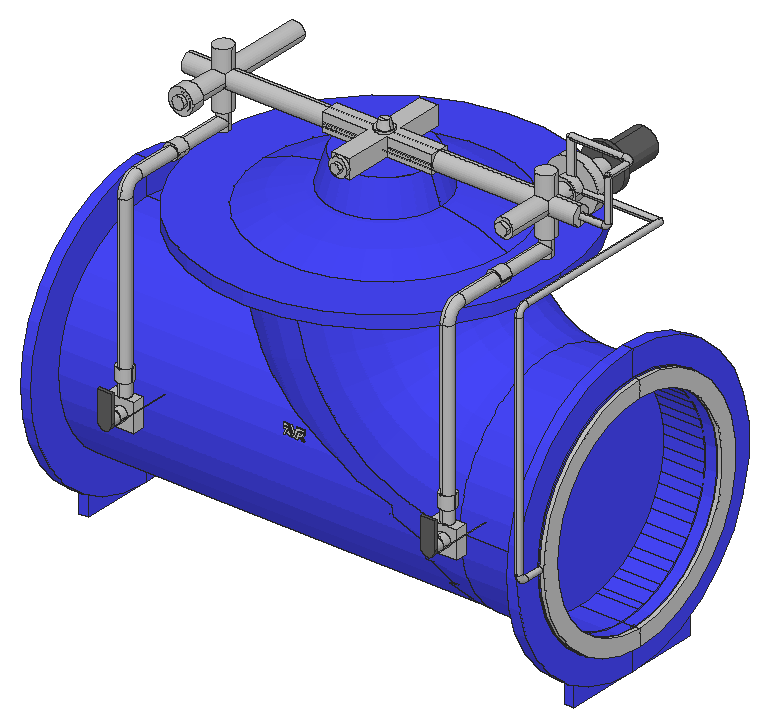
Revit family "859-002X-001 DN350-600", category Pipe Accessories, Revit 2022
Family settings
  Round Connector Dimension = Use Diameter
  Part Type = Valve - Breaks Into
  Work Plane-Based = No
  Always vertical = Yes
  Cut with Voids When Loaded = No
  Shared = No
Parameters (values of type "DN600_PN16 Flow range ( 1780 - 4350)")
  w2 = size_lookup(Search_table, "w2", 0 mm, DN)  # 509 mm
  w1 = size_lookup(Search_table, "w1", 0 mm, DN)  # 509 mm
  sweep_box2 = Bolt_Dia / 2  # 22.1 mm
  sweep_box1 = Centre_D * 0.4  # 40 mm
  sweep_H1 = Bonnet_dim1_H * 1.4  # 64.68 mm
  sweep_H = (H3 - D) * 0.7  # 596.4 mm
  sweep_D = size_lookup(Search_table, "sweep_D", 0 mm, DN)  # 34 mm
  sweep1 = sweep_D * 0.5  # 17 mm
  sweep/2 = sweep1 / 2  # 8.5 mm
  sweep = sweep_D * 1.2  # 40.8 mm
  nut_dim = Bonnet_D1 * 0.5  # 252 mm
  Total_L = size_lookup(Search_table, "Total_L", 0 mm, DN)  # 1465 mm
  Sweep_R = sweep1 * 1.5  # 25.5 mm
  Orifice_FL_T = size_lookup(Search_table, "Orifice_FL_T", 0 mm, DN)  # 14 mm
  Orifice_FL = size_lookup(Search_table, "Orifice_FL", 0 mm, DN) / 2  # 347 mm
  L3 = Bonnet_R * 1.1  # 582.12 mm
  dim1 = W1 * 0.3  # 152.7 mm
  centre = Bore1 * 1.3  # 468.078 mm
  W22 = W2 * 0.8  # 407.2 mm
  W2 = size_lookup(Search_table, "W2", 0 mm, DN)  # 509 mm
  W11 = (W1 - sweep_D) * 0.75  # 356.25 mm
  W1 = size_lookup(Search_table, "W1", 0 mm, DN)  # 509 mm
  W = W1 - (sweep_D / 2)  # 492 mm
  URL_product_pages = "https://www.avkvalves.com/P.aspx?no=8590065001140020"
  Thickness1 = Thickness * 1.2  # 25.92 mm
  Thickness = FL_T * 0.6  # 21.6 mm
  Raised_dis = size_lookup(Search_table, "Raised_dis", 0 mm, DN)  # 5 mm
  Raised_R = (D - Bore) * 0.4  # 47.98 mm
  Nut_T = FL_T * 0.8  # 28.8 mm
  Nut_Dim2 = Control_dim1 * 0.4  # 10.584 mm
  Nut_Dim1 = Bolt_Dia * 1.3  # 57.46 mm
  L = size_lookup(Search_table, "L", 0 mm, DN)  # 1450 mm
  H4 = H33 * 2  # 315.666 mm
  H33 = (H3 - (D + Bonnet_dim1_H1)) * 0.95  # 157.833 mm
  H3 = size_lookup(Search_table, "H3", 0 mm, DN)  # 1272 mm
  FL_T = size_lookup(Search_table, "FL_T", 0 mm, DN)  # 36 mm
  DN600_PN16 Flow range ( 1780 - 4350) = "859-0600-00-1140023"
  DN600_PN16 Flow range ( 970 - 2360) = "859-0600-00-1140022"
  DN600_PN16 Flow range ( 710 - 1735) = "859-0600-00-1140021"
  DN600_PN16 Flow range ( 500 - 1225) = "859-0600-00-1140020"
  DN600_PN10 Flow range ( 1780 - 4350) = "859-0600-00-0140023"
  DN600_PN10 Flow range ( 970 - 2360) = "859-0600-00-0140022"
  DN600_PN10 Flow range ( 710 - 1735) = "859-0600-00-0140021"
  DN600_PN10 Flow range ( 500 - 1225) = "859-0600-00-0140020"
  DN500_PN16 Flow range ( 1115 - 2715) = "859-0500-00-1140023"
  DN500_PN16 Flow range ( 765 - 1860) = "859-0500-00-1140022"
  DN500_PN16 Flow range ( 530 - 1290) = "859-0500-00-1140021"
  DN500_PN16 Flow range ( 350 - 835) = "859-0500-00-1140020"
  DN500_PN10 Flow range ( 1115 - 2715) = "859-0500-00-0140023"
  DN500_PN10 Flow range ( 765 - 1860) = "859-0500-00-0140022"
  DN500_PN10 Flow range ( 530 - 1290) = "859-0500-00-0140021"
  DN500_PN10 Flow range ( 350 - 835) = "859-0500-00-0140020"
  DN450_PN16 Flow range ( 1020 - 2495) = "859-0450-00-1140023"
  DN450_PN16 Flow range ( 675 - 1640) = "859-0450-00-1140022"
  DN450_PN16 Flow range ( 445 - 1090) = "859-0450-00-1140021"
  DN450_PN16 Flow range ( 280 - 690) = "859-0450-00-1140020"
  DN450_PN10 Flow range ( 280 - 690) = "859-0450-00-0140020"
  D = size_lookup(Search_table, "D", 0 mm, DN) / 2  # 420 mm
  Search_table = "859-002X-001 DN350-600"
  Description_ = "AVK CONTROL VALVE, CONSTANT FLOW, PN10/16"
  Default Elevation = 0 mm
  DN350_PN16 Flow range ( 225 - 555) = "859-0350-00-1140021\r\n859-0350-00-1140021\r\n859-0350-00-1140021\r\n859-0350-00-1140021"
  DN350_PN16 Flow range ( 170 - 420) = "859-0350-00-1140020"
  DN350_PN10 Flow range ( 650 - 1595) = "859-0350-00-0140023"
  DN350_PN10 Flow range ( 225 - 555) = "859-0350-00-0140021"
  DN350_PN10 Flow range ( 170 - 420) = "859-0350-00-0140020"
  DN450_PN10 Flow range ( 1020 - 2495) = "859-0450-00-0140023"
  DN450_PN10 Flow range ( 675 - 1640) = "859-0450-00-0140022"
  DN450_PN10 Flow range ( 445 - 1090) = "859-0450-00-0140021"
  DN400_PN16 Flow range ( 740 - 1815) = "859-0400-00-1140023"
  DN400_PN16 Flow range ( 525 - 1285) = "859-0400-00-1140022"
  DN400_PN16 Flow range ( 370 - 905) = "859-0400-00-1140021"
  DN400_PN16 Flow range ( 225 - 545) = "859-0400-00-1140020"
  DN400_PN10 Flow range ( 740 - 1815) = "859-0400-00-0140023"
  DN400_PN10 Flow range ( 525 - 1285) = "859-0400-00-0140022"
  DN400_PN10 Flow range ( 370 - 905) = "859-0400-00-0140021"
  DN400_PN10 Flow range ( 225 - 545) = "859-0400-00-0140020"
  DN350_PN16 Flow range ( 650 - 1595) = "859-0350-00-1140023"
  DN350_PN16 Flow range ( 510 - 1250) = "859-0350-00-1140022"
  DN350_PN10 Flow range ( 510 - 1250) = "859-0350-00-0140022"
  DN = 600.1 mm
  Control_dim7 = Control_dim6 * 1.8  # 77.157 mm
  Control_dim6 = Control_dim5 * 1.2  # 42.865 mm
  Control_dim5 = Control_dim1 * 1.35  # 35.721 mm
  Control_dim4 = Bonnet_D1 * 0.9  # 453.6 mm
  Control_dim3 = Control_dim1 * 0.5  # 13.23 mm
  Control_dim2 = Bonnet_dim3 * 1.2  # 158.76 mm
  Control_dim1 = Bonnet_dim3 * 0.2  # 26.46 mm
  Centre_nut = Centre_D * 0.75  # 75 mm
  Centre_D1 = Centre_D * 0.8  # 80 mm
  Centre_D = size_lookup(Search_table, "Centre_D", 0 mm, DN)  # 100 mm
  Bore2 = Bore * 1.6  # 480.08 mm
  Bore1 = Bore * 1.2  # 360.06 mm
  Bore = DN / 2  # 300.05 mm
  Bonnet_dim3 = Bonnet_dim2 * 0.75  # 132.3 mm
  Bonnet_dim2 = Bonnet_dim1 / 2  # 176.4 mm
  Bonnet_dim1_H1 = sweep_H * 1.15  # 685.86 mm
  Bonnet_dim1_H = (sweep_H - Body_H) / 2  # 46.2 mm
  Bonnet_dim1 = Bonnet_D1 * 0.7  # 352.8 mm
  Bonnet_R = Bonnet_dim1 * 1.5  # 529.2 mm
  Bonnet_D1 = D * 1.2  # 504 mm
  Bonnet_D = D * 0.6  # 252 mm
  Bolt_Dia = sweep_D * 1.3  # 44.2 mm
  Body_Rib_L = D * 0.5  # 210 mm
  Body_H = D * 1.2  # 504 mm
  Actuator_d = Control_dim7 * 0.85  # 65.584 mm
  Actuator_L1 = Actuator_L * 0.9  # 206.145 mm
  Actuator_L = W2 * 0.45  # 229.05 mm
  8 = 8 mm  # constant formula
  50 = 50 mm  # constant formula
  3 = 3 mm  # constant formula
  18 = 11 mm  # constant formula
  10 = 10 mm  # constant formula
  0 = 0 mm  # constant formula
Reference planes
  plane 1 "Center (Front/Back)": y = 0
  plane 2: z = 0
  plane 3 "Center (Left/Right)": x = 0
  plane 4: x = -725
  plane 5: x = 725
  plane 6: z = 300.05
  plane 7: z = -300.05
  plane 8: z = 504
  plane 9: z = 852
  plane 10: z = -420
  plane 11: y = -396.06
  plane 12: y = -360.06
  plane 13: y = -406.06
  plane 14: z = 550.2
  plane 15: z = 685.86
  plane 16: z = -303.05
  plane 17: x = 720
  plane 18: x = -720
  plane 19: x = -568.078
  plane 20: x = -468.078
  plane 21: x = 468.078
  plane 22: y = -397.05
  plane 23: y = -356.25
  plane 24: y = -352.8
  plane 25: z = 40
  plane 26: z = 694.167
  plane 27: z = 712.32
  plane 28: y = -158.76
  plane 29: y = -34.713
  plane 30: y = -169.344
  plane 31: z = 738.78
  plane 32: x = -300.05
  plane 33: z = 596.4
  plane 34: z = 618.5
  plane 35: z = 765.24
  plane 36: z = 80
  plane 37: y = -152.7
  plane 38: y = 407.2
  plane 39: y = -26.46
  plane 40: y = 62.46
  plane 41: y = 26.46
  plane 42: y = 91.26
  plane 43: y = 120.06
  plane 44: x = 582.12
  plane 45: x = 617.841
  plane 46: x = 568.078
  plane 47: z = 843.5
  plane 48: through (0, 0, 1200) normal (-0.766, -0.6428, 0)
  plane 49: y = 94.8
  plane 50: z = 536.334
  plane 51: x = 648.078
  plane 52: y = -347
  plane 53: x = 739
  plane 54: y = 229.05
  plane 55: y = 420
  plane 56: y = -420
  plane 57: y = -229.05
  plane 58: y = 509
Forms (mm)
  Revolve 1, solid, material "Laminate, Blue, Matte"
    sketch origin (0, 0, 0) x (1, 0, 0) y (0, 0, 1)
      loop
        line (-725, 300.05) -> (725, 300.05) -> (725, 348.03) -> (720, 348.03) -> (720, 420) -> (689, 420) -> (689, 321.65) -> (-689, 321.65) -> (-689, 420) -> (-720, 420) -> (-720, 348.03) -> (-725, 348.03) -> (-725, 300.05)
      axis (-725, 0) -> (725, 0)
    angle from 0 to 360
  Extrusion 2, solid, material "Laminate, Blue, Matte"
    sketch origin (-387.236, -1524, 504) x (-1, 0, 0) y (0, -1, 0)
      loop
        circle (-387.236, -1524) r 509
    from 0 to 36
  Extrusion 3, solid, material "Laminate, Blue, Matte"
    sketch origin (0, 0, 0) x (0, 1, 0) y (0, 0, 1)
      loop
        circle (0, 0) r 300.05
    from -568.078 to 568.078
  Extrusion 4, solid, material "Default Wall"
    sketch origin (0, -396.06, 1382.259) x (0, 0, 1) y (-1, 0, 0)
      loop
        circle (-1382.259, 468.078) r 20.4
      loop
        circle (-1382.259, -468.078) r 20.4
    from 0 to -396.06
  Sweep 5, solid, material "Default Wall"
    path origin (0, 0, 0) x (0, 1, 0) y (0, 0, 1)
      loop
        line (0, 0) -> (-315.45, 0)
        arc (-315.45, 0) -> (-344.3, 11.95) -> (-356.25, 40.8) r 40.8
        line (-356.25, 40.8) -> (-356.25, 555.6)
        arc (-356.25, 555.6) -> (-344.3, 584.45) -> (-315.45, 596.4) r 40.8
        line (-315.45, 596.4) -> (0, 596.4)
    profile origin (0, 0, 0) x (0, 0, -1) y (1, 0, 0)
      loop
        circle (0, -468.078) r 17
      loop
        circle (0, 468.078) r 17
  Revolve 6, solid, material "Laminate, Blue, Matte"
    sketch origin (0, 0, 0) x (1, 0, 0) y (0, 0, 1)
      loop
        line (0, 550.2) -> (176.4, 550.2) -> (132.3, 685.86) -> (0, 685.86) -> (0, 550.2)
      axis (0, 550.2) -> (0, 685.86)
    angle from 0 to 360
  Extrusion 7, solid, material "Laminate, Blue, Matte"
    sketch origin (0, 0, 0) x (0, 1, 0) y (0, 0, 1)
      loop
        line (210, -303.05) -> (-210, -303.05) -> (-210, -420) -> (210, -420) -> (210, -303.05)
    from 689 to 717
  Extrusion 8, solid, material "Laminate, Blue, Matte"
    sketch origin (0, 0, 0) x (0, 1, 0) y (0, 0, 1)
      loop
        line (210, -303.05) -> (-210, -303.05) -> (-210, -420) -> (210, -420) -> (210, -303.05)
    from -689 to -717
  Extrusion 9, solid, material "Default Wall"
    sketch origin (0, 0, 0) x (1, 0, 0) y (0, 0, 1)
      loop
        circle (-468.078, 0) r 17
      loop
        circle (468.078, 0) r 17
    from 0 to 420
  Extrusion 10, solid, material "Default Wall"
    sketch origin (-741.585, -1524, 685.86) x (-1, 0, 0) y (0, -1, 0)
      loop
        line (-768.045, -1550.46) -> (-768.045, -1682.76) -> (-715.125, -1682.76) -> (-715.125, -1550.46) -> (-582.825, -1550.46) -> (-582.825, -1497.54) -> (-715.125, -1497.54) -> (-715.125, -1365.24) -> (-768.045, -1365.24) -> (-768.045, -1497.54) -> (-900.345, -1497.54) -> (-900.345, -1550.46) -> (-768.045, -1550.46)
    from 0 to 52.92
  Revolve 11, solid, material "Default Wall"
    sketch origin (0, 0, 0) x (1, 0, 0) y (0, 0, 1)
      loop
        line (0, 712.32) -> (26.46, 712.32) -> (13.23, 765.24) -> (0, 765.24) -> (0, 712.32)
      axis (0, 765.24) -> (0, 712.32)
    angle from 0 to 360
  Extrusion 12, solid, material "Default Wall"
    sketch origin (0, 0, 0) x (1, 0, 0) y (0, 0, 1)
      loop
        circle (0, 712.32) r 26.46
    from 158.76 to 169.344
  Extrusion 13, solid, material "Default Wall"
    sketch origin (0, 0, 0) x (1, 0, 0) y (0, 0, 1)
      loop
        circle (0, 712.32) r 13.23
    from 169.344 to 179.928
  Extrusion 14, solid, material "Default Wall"
    sketch origin (-741.585, -1524, 685.86) x (-1, 0, 0) y (0, -1, 0)
      loop
        circle (-741.585, -1524) r 26.46
    from 52.92 to 57.92
  Sweep 15, solid, material "Laminate, Blue, Matte"
    path origin (0, 0, 0) x (1, 0, 0) y (0, 0, 1)
      loop
        line (0, 504) -> (0, 480.08)
        arc (0, 480.08) -> (140.612, 140.612) -> (480.08, 0) r 480.08
        line (480.08, 0) -> (689, 0)
    profile origin (0, 0, 504) x (0, -1, 0) y (1, 0, 0)
      loop
        circle (0, 0) r 300.05
      loop
        circle (0, 0) r 325.97
  Extrusion 16, solid, material "Default Wall"
    sketch origin (-741.585, -1524, 685.86) x (-1, 0, 0) y (0, -1, 0)
      loop
        circle (-273.507, -1524) r 26.46
      loop
        circle (-1209.663, -1524) r 26.46
    from -57.36 to 108.18
  Extrusion 17, solid, material "Default Wall"
    sketch origin (-741.585, -1524, 685.86) x (-1, 0, 0) y (0, -1, 0)
      loop
        circle (-273.507, -1524) r 17
      loop
        circle (-1209.663, -1524) r 17
    from 26.46 to -111.56
  Extrusion 18, solid, material "Default Wall"
    sketch origin (0, 0, 0) x (1, 0, 0) y (0, 0, 1)
      loop
        circle (-468.078, 596.4) r 22.1
      loop
        circle (468.078, 596.4) r 22.1
    from 152.7 to 188.7
  Extrusion 19, solid, material "Default Wall"
    sketch origin (-741.585, -1524, 685.86) x (-1, 0, 0) y (0, -1, 0)
      loop
        circle (-273.507, -1167.75) r 22.1
      loop
        circle (-1209.663, -1167.75) r 22.1
    from -605.86 to -569.86
  Extrusion 20, solid, material "Default Wall"
    sketch origin (0, 0, 0) x (1, 0, 0) y (0, 0, 1)
      loop
        circle (-468.078, 712.32) r 35.721
    from 116.7 to 152.7
  Extrusion 21, solid, material "Default Wall"
    sketch origin (0, 0, 0) x (1, 0, 0) y (0, 0, 1)
      loop
        circle (-468.078, 712.32) r 17
      loop
        circle (468.078, 712.32) r 17
    from 152.7 to 163.284
  Extrusion 22, solid, material "Default Wall"
    sketch origin (0, 0, 13.394) x (1, 0, 0) y (0, 0, 1)
      loop
        circle (468.078, 698.926) r 35.721
    from -91.26 to -62.46
  Extrusion 23, solid, material "Default Wall"
    sketch origin (0, 0, 0) x (1, 0, 0) y (0, 0, 1)
      loop
        circle (468.078, 712.32) r 77.157
    from -120.06 to -91.26
  Revolve 24, solid, material "Default Wall"
    sketch origin (0, 0, 0) x (1, 0, 0) y (0, 0, 1)
      loop
        line (-568.078, 738.78) -> (-568.078, 712.32) -> (568.078, 712.32) -> (568.078, 738.78) -> (-568.078, 738.78)
      axis (-568.078, 712.32) -> (568.078, 712.32)
    angle from 0 to 360
  Extrusion 25, solid, material "Default Wall"
    sketch origin (0, 0, 0) x (1, 0, 0) y (0, 0, 1)
      loop
        circle (-468.078, 712.32) r 26.46
      loop
        circle (468.078, 712.32) r 26.46
    from -262.167 to 152.7
  Extrusion 26, solid, material "Default Wall"
    sketch origin (-336.516, -1510.142, 843.5) x (-1, 0, 0) y (0, -1, 0)
      loop
        circle (-804.594, -1601.402) r 11.05
    from -131.18 to 0
  Sweep 27, solid, material "Default Wall"
    path origin (-470.377, -1524, 843.5) x (-1, 0, 0) y (0, -1, 0)
      loop
        line (-938.455, -1615.26) -> (-1092.955, -1615.26)
        arc (-1092.955, -1615.26) -> (-1110.986, -1607.791) -> (-1118.455, -1589.76) r 25.5
        line (-1118.455, -1589.76) -> (-1118.455, -1524)
    profile origin (545.328, 91.26, 843.5) x (0, 1, 0) y (0, 0, 1)
      loop
        circle (0, 0) r 8.5
  Revolve 28, solid, material "Default Wall"
    sketch origin (0, 0, 0) x (1, 0, 0) y (0, 0, 1)
      loop
        line (725, 347) -> (725, 300.05) -> (739, 300.05) -> (739, 347) -> (725, 347)
      axis (739, 0) -> (725, 0)
    angle from 0 to 360
  Sweep 29, solid, material "Default Wall"
    path origin (0, 0, 0) x (1, 0, 0) y (0, 0, 1)
      loop
        line (568.078, 712.32) -> (637.078, 712.32)
        arc (637.078, 712.32) -> (644.856, 715.542) -> (648.078, 723.32) r 11
        line (648.078, 723.32) -> (648.078, 843.5)
    profile origin (602.578, 0, 712.32) x (0, 0, 1) y (0, -1, 0)
      loop
        circle (0, 0) r 8.5
  Extrusion 30, solid, material "Default Wall"
    sketch origin (0, 0, 0) x (1, 0, 0) y (0, 0, 1)
      loop
        line (-428.078, 40) -> (-508.078, 40) -> (-508.078, -40) -> (-428.078, -40) -> (-428.078, 40)
      loop
        line (428.078, 40) -> (428.078, -40) -> (508.078, -40) -> (508.078, 40) -> (428.078, 40)
    from 339.25 to 373.25
  Sweep 31, solid, material "Default Wall"
    path origin (725, -1524, 2175.121) x (0, 0, 1) y (0, -1, 0)
      loop
        line (-2175.121, -1177) -> (-2175.121, -1126.1)
        arc (-2175.121, -1126.1) -> (-2168.648, -1110.473) -> (-2153.021, -1104) r 22.1
        line (-2153.021, -1104) -> (-1484.901, -1104)
        arc (-1484.901, -1104) -> (-1469.274, -1110.473) -> (-1462.801, -1126.1) r 22.1
        line (-1462.801, -1126.1) -> (-1462.801, -1615.26)
    profile origin (725, -372.45, 0) x (0, 0, -1) y (1, 0, 0)
      loop
        circle (0, 0) r 8.5
  Sweep 32, solid, material "Default Wall"
    path origin (-694.894, -1524, 712.32) x (-1, 0, 0) y (0, -1, 0)
      loop
        line (-1162.972, -1615.26) -> (-1419.894, -1615.26)
    profile origin (596.539, 91.26, 712.32) x (0, 1, 0) y (0, 0, 1)
      loop
        circle (0, 0) r 8.5
  Revolve 33, solid, material "Laminate, Blue, Matte"
    sketch origin (0, 0, 0) x (1, 0, 0) y (0, 0, 1)
      loop
        line (0, 540) -> (352.8, 540)
        arc (352.8, 540) -> (180.399, 593.64) -> (0, 586.2) r 529.2
        line (0, 586.2) -> (0, 540)
      axis (0, 586.2) -> (0, 540)
    angle from 0 to 360
  Revolve 34, solid, material "Default Roof"
    sketch origin (468.078, -1524, 720.321) x (0, 0, 1) y (0, -1, 0)
      loop
        line (-8.001, -1728.737) -> (-8.001, -1876.8) -> (34.865, -1876.8) -> (34.865, -1742.737) -> (57.583, -1742.737) -> (57.583, -1728.737) -> (-8.001, -1728.737)
      axis (-8.001, -1728.737) -> (-8.001, -1876.8)
    angle from 0 to 360
  Extrusion 35, solid, material "Default Roof"
    sketch origin (0, 0, 0) x (1, 0, 0) y (0, 0, 1)
      loop
        arc (-488.478, 0) -> (-482.503, -14.425) -> (-468.078, -20.4) r 20.4
        arc (-468.078, -20.4) -> (-453.653, -14.425) -> (-447.678, 0) r 20.4
        line (-447.678, 0) -> (-447.678, 80) -> (-488.478, 80) -> (-488.478, 0)
      loop
        arc (447.678, 0) -> (453.653, -14.425) -> (468.078, -20.4) r 20.4
        arc (468.078, -20.4) -> (482.503, -14.425) -> (488.478, 0) r 20.4
        line (488.478, 0) -> (488.478, 80) -> (447.678, 80) -> (447.678, 0)
    from 420 to 430
Dimensions and locks
  equal spacing: plane 5, plane 3 "Center (Left/Right)", plane 4
  "L": plane 5 to plane 4
  equal spacing: plane 6, level, plane 7
  "Bore": plane 6 to level
  equal spacing: Revolve 1 sketch curve, plane 3 "Center (Left/Right)", Revolve 1 sketch curve  (x2)
  "FL_T": Revolve 1 sketch curve to plane 4
  "Raised_dis": Revolve 1 sketch curve to plane 4
  "Thickness": Revolve 1 sketch curve to plane 6
  "D": Revolve 1 sketch curve to level
  "Body_H": plane 8 to level
  equal spacing: Extrusion 2 sketch curve, plane 3 "Center (Left/Right)", Extrusion 2 sketch curve
  equal spacing: Extrusion 2 sketch curve, plane 1 "Center (Front/Back)", Extrusion 2 sketch curve
  "FL_T": Extrusion 2 to plane 8
  "D": level to plane 10
  "H3": plane 9 to plane 10
  equal spacing: Extrusion 3 sketch curve, plane 1 "Center (Front/Back)", Extrusion 3 sketch curve
  equal spacing: Extrusion 3 sketch curve, level, Extrusion 3 sketch curve
  equal spacing: Extrusion 3, plane 3 "Center (Left/Right)", Extrusion 3
  equal spacing: Extrusion 4 sketch curve, plane 3 "Center (Left/Right)", Extrusion 4 sketch curve
  "centre": plane 3 "Center (Left/Right)" to Extrusion 4 sketch curve
  "FL_T": plane 12 to plane 11
  "Bore1": plane 1 "Center (Front/Back)" to plane 12
  plane 13 to plane 1 "Center (Front/Back)" = 406.06 mm
  "10": plane 13 to plane 11
  "sweep_H": Sweep 5 sketch curve to level
  "W11": Sweep 5 sketch curve to plane 1 "Center (Front/Back)"
  equal spacing: Sweep 5 sketch curve, level, Sweep 5 sketch curve  (x2)
  "centre": plane 3 "Center (Left/Right)" to Sweep 5 sketch curve
  equal spacing: Sweep 5 sketch curve, plane 3 "Center (Left/Right)", Sweep 5 sketch curve
  "Bonnet_dim1_H1": plane 15 to level
  "Bonnet_dim3": Revolve 6 sketch curve to plane 3 "Center (Left/Right)"
  "Bonnet_dim2": Revolve 6 sketch curve to plane 3 "Center (Left/Right)"
  "Bonnet_dim1_H": plane 14 to plane 8
  equal spacing: Extrusion 7 sketch curve, plane 1 "Center (Front/Back)", Extrusion 7 sketch curve
  "Body_Rib_L": Extrusion 7 sketch curve to plane 1 "Center (Front/Back)"
  "3": plane 7 to plane 16
  "FL_T": plane 5 to Extrusion 7
  "Raised_dis": plane 17 to plane 5
  equal spacing: Extrusion 8 sketch curve, plane 1 "Center (Front/Back)", Extrusion 8 sketch curve
  "Body_Rib_L": Extrusion 8 sketch curve to plane 1 "Center (Front/Back)"
  "3": plane 7 to Extrusion 8 sketch curve
  "FL_T": Extrusion 8 to plane 4
  "Raised_dis": plane 18 to plane 4
  "3": plane 18 to Extrusion 8
  equal spacing: Extrusion 7, plane 3 "Center (Left/Right)", Extrusion 8
  equal spacing: plane 21, plane 3 "Center (Left/Right)", plane 20
  "centre": plane 3 "Center (Left/Right)" to plane 20
  "Centre_D": plane 20 to plane 19
  plane 22 to plane 23 = 40.8 mm
  "sweep": plane 22 to plane 23
  "W11": plane 23 to plane 1 "Center (Front/Back)"
  "Bonnet_dim1": plane 24 to plane 1 "Center (Front/Back)"
  "sweep_box1": plane 25 to level
  "H33": plane 9 to plane 26
  equal spacing: Extrusion 10 sketch curve, plane 3 "Center (Left/Right)", Extrusion 10 sketch curve  (x2)
  equal spacing: Extrusion 10 sketch curve, plane 1 "Center (Front/Back)", Extrusion 10 sketch curve  (x2)
  "Control_dim2": Extrusion 10 sketch curve to plane 3 "Center (Left/Right)"
  "Control_dim2": plane 1 "Center (Front/Back)" to Extrusion 10 sketch curve
  "Control_dim1": plane 3 "Center (Left/Right)" to Extrusion 10 sketch curve
  "Control_dim1": plane 1 "Center (Front/Back)" to Extrusion 10 sketch curve
  "Control_dim3": Revolve 11 sketch curve to plane 3 "Center (Left/Right)"
  "Control_dim1": Revolve 11 sketch curve to Extrusion 10
  "Raised_R": Revolve 1 sketch curve to plane 6
  "Control_dim1": plane 27 to plane 15
  "Control_dim1": Extrusion 10 to plane 27
  "Control_dim1": Revolve 11 sketch curve to plane 3 "Center (Left/Right)"
  equal spacing: Extrusion 12 sketch curve, plane 3 "Center (Left/Right)", Extrusion 12 sketch curve
  equal spacing: Extrusion 12 sketch curve, plane 27, Extrusion 12 sketch curve
  "Control_dim2": plane 28 to plane 1 "Center (Front/Back)"
  "Nut_Dim2": Extrusion 12 to plane 28
  equal spacing: Extrusion 13 sketch curve, plane 3 "Center (Left/Right)", Extrusion 13 sketch curve
  equal spacing: Extrusion 13 sketch curve, plane 27, Extrusion 13 sketch curve
  "Nut_Dim2": plane 30 to plane 28
  "Nut_Dim2": Extrusion 13 to plane 30
  equal spacing: Extrusion 14 sketch curve, plane 3 "Center (Left/Right)", Extrusion 14 sketch curve
  equal spacing: Extrusion 14 sketch curve, Extrusion 4, Extrusion 14 sketch curve
  "Control_dim1": plane 31 to plane 27
  "Raised_dis": Extrusion 14 to plane 31
  "FL_T": plane 5 to Sweep 15 sketch curve
  equal spacing: Sweep 15 sketch curve, plane 3 "Center (Left/Right)", Sweep 15 sketch curve  (x2)
  equal spacing: Sweep 15 sketch curve, plane 1 "Center (Front/Back)", Sweep 15 sketch curve  (x2)
  "Bore": plane 32 to plane 3 "Center (Left/Right)"
  "Thickness1": Sweep 15 sketch curve to plane 32
  equal spacing: Extrusion 16 sketch curve, plane 1 "Center (Front/Back)", Extrusion 16 sketch curve  (x2)
  equal spacing: Extrusion 16 sketch curve, plane 3 "Center (Left/Right)", Extrusion 16 sketch curve
  equal spacing: Extrusion 16 sketch curve, plane 20, Extrusion 16 sketch curve
  "sweep_H": plane 33 to level
  "sweep_box2": plane 34 to plane 33
  "10": Extrusion 16 to plane 34
  "Control_dim1": plane 35 to plane 31
  equal spacing: Extrusion 17 sketch curve, plane 1 "Center (Front/Back)", Extrusion 17 sketch curve  (x2)
  equal spacing: Extrusion 17 sketch curve, plane 3 "Center (Left/Right)", Extrusion 17 sketch curve
  "centre": Extrusion 17 sketch curve to plane 3 "Center (Left/Right)"
  "sweep_box2": plane 33 to Extrusion 17
  equal spacing: Extrusion 18 sketch curve, plane 3 "Center (Left/Right)", Extrusion 18 sketch curve
  equal spacing: Extrusion 18 sketch curve, plane 20, Extrusion 18 sketch curve
  "sweep_H": Extrusion 18 sketch curve to level  (x2)
  equal spacing: Extrusion 19 sketch curve, plane 3 "Center (Left/Right)", Extrusion 19 sketch curve
  "W11": Extrusion 19 sketch curve to plane 1 "Center (Front/Back)"  (x2)
  equal spacing: Extrusion 19 sketch curve, plane 20, Extrusion 19 sketch curve
  "sweep_box1": plane 36 to plane 25
  "FL_T": Extrusion 19 to plane 36
  "dim1": plane 37 to plane 1 "Center (Front/Back)"
  "FL_T": Extrusion 18 to plane 37
  "W22": plane 1 "Center (Front/Back)" to plane 38
  equal spacing: Extrusion 20 sketch curve, plane 20, Extrusion 20 sketch curve
  equal spacing: Extrusion 20 sketch curve, plane 27, Extrusion 20 sketch curve
  "Control_dim1": plane 39 to plane 1 "Center (Front/Back)"
  equal spacing: Extrusion 21 sketch curve, plane 20, Extrusion 21 sketch curve
  equal spacing: Extrusion 21 sketch curve, plane 27, Extrusion 21 sketch curve  (x2)
  equal spacing: Extrusion 21 sketch curve, plane 3 "Center (Left/Right)", Extrusion 21 sketch curve
  "Nut_Dim2": Extrusion 21 to plane 37
  equal spacing: Extrusion 22 sketch curve, plane 21, Extrusion 22 sketch curve
  equal spacing: Extrusion 22 sketch curve, plane 27, Extrusion 22 sketch curve
  "Control_dim1": plane 1 "Center (Front/Back)" to plane 41
  "Nut_T": plane 40 to plane 42
  "FL_T": plane 41 to plane 40
  "Nut_T": plane 42 to plane 43
  equal spacing: Extrusion 23 sketch curve, plane 21, Extrusion 23 sketch curve
  equal spacing: Extrusion 23 sketch curve, plane 27, Extrusion 23 sketch curve
  "Nut_T": Extrusion 16 to plane 35
  "Nut_T": plane 42 to Extrusion 23
  "Control_dim1": Revolve 24 sketch curve to plane 27
  "L3": plane 3 "Center (Left/Right)" to plane 44
  "Control_dim5": plane 44 to plane 45
  equal spacing: Revolve 24 sketch curve, plane 3 "Center (Left/Right)", Revolve 24 sketch curve
  "Centre_D": plane 21 to plane 46
  "sweep/2": plane 9 to plane 47
  equal spacing: Extrusion 25 sketch curve, plane 20, Extrusion 25 sketch curve
  equal spacing: Extrusion 25 sketch curve, plane 27, Extrusion 25 sketch curve  (x2)
  equal spacing: Extrusion 25 sketch curve, plane 21, Extrusion 25 sketch curve
  "H4": plane 9 to plane 50
  "Centre_D1": plane 46 to Sweep 27 sketch curve
  equal spacing: Sweep 27 sketch curve, profile plane, Sweep 27 sketch curve  (x2)
  "Centre_D1": plane 46 to plane 51
  plane 5 to plane 4 = 1450 mm
  plane 9 to plane 10 = 1272 mm
  "Bore": Revolve 28 sketch curve to level
  "Orifice_FL_T": Revolve 28 sketch curve to plane 5
  "Orifice_FL": Revolve 28 sketch curve to level
  equal spacing: Sweep 29 sketch curve, plane 1 "Center (Front/Back)", Sweep 29 sketch curve
  equal spacing: Sweep 29 sketch curve, plane 27, Sweep 29 sketch curve
  equal spacing: Extrusion 30 sketch curve, plane 3 "Center (Left/Right)", Extrusion 30 sketch curve  (x2)
  equal spacing: Extrusion 30 sketch curve, plane 20, Extrusion 30 sketch curve
  equal spacing: Extrusion 30 sketch curve, level, Extrusion 30 sketch curve
  "sweep_box1": Extrusion 30 sketch curve to plane 20
  "sweep_box1": level to Extrusion 30 sketch curve
  "sweep1": Extrusion 30 to plane 23
  "sweep1": plane 23 to Extrusion 30
  equal spacing: Extrusion 26 sketch curve, plane 42, Extrusion 26 sketch curve
  equal spacing: Extrusion 26 sketch curve, plane 21, Extrusion 26 sketch curve
  "Orifice_FL": Sweep 31 sketch curve to plane 1 "Center (Front/Back)"
  "Orifice_FL": plane 52 to plane 1 "Center (Front/Back)"
  "D": Sweep 31 sketch curve to plane 1 "Center (Front/Back)"
  equal spacing: Sweep 31 sketch curve, profile plane, Sweep 31 sketch curve
  equal spacing: Sweep 31 sketch curve, Revolve 28, Sweep 31 sketch curve
  equal spacing: Sweep 32 sketch curve, plane 42, Sweep 32 sketch curve
  equal spacing: Sweep 32 sketch curve, plane 27, Sweep 32 sketch curve
  "Orifice_FL_T": plane 53 to plane 5
  plane 53 to plane 4 = 1464 mm
  "FL_T": Revolve 33 sketch curve to plane 8
  "FL_T": Revolve 33 sketch curve to plane 14
  "Bonnet_dim1": Revolve 33 sketch curve to plane 3 "Center (Left/Right)"
  "Actuator_L": plane 1 "Center (Front/Back)" to plane 54
  "FL_T": Extrusion 20 to plane 37
  "D": plane 1 "Center (Front/Back)" to plane 55
  "H33": plane 55 to Extrusion 25
  "Actuator_d": Revolve 34 sketch curve to plane 27
  "Control_dim6": Revolve 34 sketch curve to plane 27
  "Orifice_FL_T": Revolve 34 sketch curve to Revolve 34 sketch curve
  "Bonnet_dim1": plane 1 "Center (Front/Back)" to Revolve 34
  "D": plane 1 "Center (Front/Back)" to Extrusion 9
  "sweep_box1": Extrusion 35 sketch curve to plane 25  (x2)
  "D": plane 56 to plane 1 "Center (Front/Back)"
  "10": Extrusion 35 to plane 56
  "Actuator_L": plane 57 to plane 1 "Center (Front/Back)"
  "W2": plane 1 "Center (Front/Back)" to plane 58
  "w1": radius of Extrusion 2 sketch curve
  "Bore": radius of Extrusion 3 sketch curve
  "sweep": diameter of Extrusion 4 sketch curve  (x2)
  "sweep": radius of Sweep 5 sketch curve  (x2)
  "sweep_D": diameter of Sweep 5 sketch curve  (x2)
  "Control_dim1": radius of Extrusion 12 sketch curve
  "Control_dim3": radius of Extrusion 13 sketch curve
  "Control_dim1": radius of Extrusion 14 sketch curve
  "Bore2": radius of Sweep 15 sketch curve
  "Bore": radius of Sweep 15 sketch curve
  "Control_dim1": radius of Extrusion 16 sketch curve  (x2)
  "sweep_D": diameter of Extrusion 17 sketch curve  (x2)
  "Bolt_Dia": diameter of Extrusion 18 sketch curve  (x2)
  "Bolt_Dia": diameter of Extrusion 19 sketch curve  (x2)
  "Control_dim5": radius of Extrusion 20 sketch curve
  "sweep_D": diameter of Extrusion 21 sketch curve  (x2)
  "Control_dim5": radius of Extrusion 22 sketch curve
  "Control_dim7": radius of Extrusion 23 sketch curve
  "Control_dim1": radius of Extrusion 25 sketch curve  (x2)
  "Sweep_R": radius of Sweep 27 sketch curve
  "sweep1": diameter of Sweep 27 sketch curve
  "sweep1": diameter of Sweep 29 sketch curve
  "18": radius of Sweep 29 sketch curve
  "sweep_box2": diameter of Extrusion 26 sketch curve
  "sweep_box2": radius of Sweep 31 sketch curve  (x2)
  "sweep1": diameter of Sweep 31 sketch curve
  "sweep1": diameter of Sweep 32 sketch curve
  "Bonnet_R": radius of Revolve 33 sketch curve
  aligned and locked: level to plane 2
  aligned and locked: Revolve 1 sketch curve to Revolve 1 sketch curve  (x2)
  aligned and locked: Revolve 1 sketch curve to plane 6
  aligned and locked: plane 5 to Revolve 1 sketch curve
  aligned and locked: Revolve 1 sketch curve to level
  aligned and locked: Extrusion 2 to plane 8
  aligned and locked: plane 1 "Center (Front/Back)" to Extrusion 4
  aligned and locked: plane 11 to Extrusion 4
  aligned and locked: level to Sweep 5 sketch curve
  aligned and locked: plane 1 "Center (Front/Back)" to Sweep 5 sketch curve  (x2)
  aligned and locked: Revolve 6 sketch curve to plane 3 "Center (Left/Right)"  (x2)
  aligned and locked: Revolve 6 sketch curve to plane 14
  aligned and locked: plane 15 to Revolve 6 sketch curve
  aligned and locked: Extrusion 7 sketch curve to plane 10
  aligned and locked: plane 16 to Extrusion 7
  aligned and locked: plane 10 to Extrusion 8 sketch curve
  aligned and locked: plane 19 to Extrusion 3
  aligned and locked: Extrusion 9 sketch curve to Sweep 5  (x3)
  aligned and locked: Extrusion 10 sketch curve to Extrusion 10 sketch curve  (x4)
  aligned and locked: plane 3 "Center (Left/Right)" to Revolve 11 sketch curve
  aligned and locked: Revolve 11 sketch curve to plane 3 "Center (Left/Right)"
  aligned and locked: plane 27 to Revolve 11 sketch curve
  aligned and locked: Extrusion 12 to Extrusion 10
  aligned and locked: Extrusion 13 to Extrusion 12
  aligned and locked: Extrusion 14 to Extrusion 10
  aligned and locked: Sweep 15 sketch curve to plane 3 "Center (Left/Right)"
  aligned and locked: Sweep 15 sketch curve to level
  aligned and locked: plane 8 to Sweep 15 sketch curve
  aligned and locked: plane 27 to Extrusion 17
  aligned and locked: Extrusion 19 to plane 36
  aligned and locked: Extrusion 18 to plane 37
  aligned and locked: Extrusion 21 to plane 37
  aligned and locked: plane 40 to Extrusion 22
  aligned and locked: plane 42 to Extrusion 22
  aligned and locked: Extrusion 23 to plane 42
  aligned and locked: plane 27 to Revolve 24 sketch curve
  aligned and locked: Revolve 24 sketch curve to plane 27
  aligned and locked: plane 37 to Extrusion 20
  aligned and locked: plane 19 to Revolve 24 sketch curve
  aligned and locked: plane 37 to Extrusion 25
  aligned and locked: Extrusion 26 to plane 27
  aligned and locked: Extrusion 26 to plane 47
  aligned and locked: plane 42 to Sweep 27 sketch curve
  aligned and locked: nested 1 to plane 36
  aligned and locked: plane 5 to Revolve 28 sketch curve
  aligned and locked: level to Revolve 28 sketch curve
  aligned and locked: Sweep 29 sketch curve to plane 27
  aligned and locked: plane 51 to Sweep 29 sketch curve
  aligned and locked: Sweep 29 sketch curve to plane 47
  aligned and locked: Sweep 29 sketch curve to plane 46
  aligned and locked: Extrusion 30 sketch curve to Extrusion 30 sketch curve  (x2)
  aligned and locked: plane 42 to Sweep 31 sketch curve
  aligned and locked: Sweep 31 sketch curve to plane 27
  aligned and locked: level to Sweep 31 sketch curve
  aligned and locked: Sweep 32 sketch curve to plane 42
  aligned and locked: plane 21 to Sweep 32 sketch curve
  aligned and locked: plane 5 to Sweep 32 sketch curve
  aligned and locked: plane 3 "Center (Left/Right)" to Revolve 33 sketch curve
  aligned and locked: Revolve 33 sketch curve to plane 3 "Center (Left/Right)"
  aligned and locked: Revolve 34 sketch curve to plane 27  (x2)
  aligned and locked: Extrusion 35 sketch curve to Extrusion 4  (x4)
  aligned and locked: Extrusion 35 to Extrusion 9
Automatic sketch dimensions
  plane 17 to Revolve 1 sketch curve = 0 mm
  Revolve 1 sketch curve to plane 18 = 29.326 mm
  plane 51 to Revolve 1 sketch curve = 4.778 mm
  Extrusion 4 sketch curve to level = 0 mm  (x2)
  Revolve 6 sketch curve to plane 14 = 0.1 mm
  Revolve 6 sketch curve to plane 9 = 0.672 mm
  Extrusion 7 sketch curve to plane 16 = 0 mm
  Revolve 11 sketch curve to plane 35 = 0.075 mm
  plane 9 to Revolve 11 sketch curve = 77.17 mm
  Revolve 24 sketch curve to plane 18 = 27.89 mm
  Revolve 24 sketch curve to plane 4 = 30.436 mm
  Sweep 27 sketch curve to plane 21 = 0 mm
  plane 1 "Center (Front/Back)" to Sweep 27 sketch curve = 0 mm
  Revolve 28 sketch curve to plane 20 = 7.139 mm
  plane 53 to Revolve 28 sketch curve = 182.083 mm
  plane 33 to Revolve 33 sketch curve = 1.932 mm
  plane 47 to Revolve 33 sketch curve = 1.295 mm
  plane 55 to Revolve 34 sketch curve = 67.2 mm
  plane 54 to Revolve 34 sketch curve = 10.313 mm
  plane 38 to Revolve 34 sketch curve = 0.531 mm
  Revolve 34 sketch curve to plane 54 = 22.605 mm
Nested families
  nested 1: "logo medium-11" at (-0.379, -325.97, 88.594) x (1, -0.0012, 0) z (-0.0012, -1, 0), type "logo medium-11"
Connectors
  piping at (-725, 0, 0), diameter 600.1, driven by "DN"
    settings: on Revolve 1, index 1, connector inside diameter 609.6 mm, connector length 0 mm, flow factor 0, pipe flow 0.0 L/s, pressure drop 0.0 Pa, fitting loss kfactor 0, connector angle 0.00°, fixture units 0, engagement length 0 mm, angle of deflection 0.00°, flow configuration 0, flow direction 0, fitting loss method 0, system type 7, joint type 0, gender type 0, connector reference index -1, connector utility 0, adjustable connector no, is connector primary yes, connector description ""
  piping at (725, 0, 0), diameter 600.1, driven by "DN"
    settings: on Revolve 1, index 2, connector inside diameter 609.6 mm, connector length 0 mm, flow factor 0, pipe flow 0.0 L/s, pressure drop 0.0 Pa, fitting loss kfactor 0, connector angle 0.00°, fixture units 0, engagement length 0 mm, angle of deflection 0.00°, flow configuration 0, flow direction 0, fitting loss method 0, system type 7, joint type 0, gender type 0, connector reference index -1, connector utility 0, adjustable connector no, is connector primary no, connector description ""
Definition of nested family "logo medium-11"
  Parameters
    Default Elevation = 1219.2 mm
  Reference planes
    plane 1 "Center (Front/Back)": y = 0
    plane 2: z = 0
    plane 3 "Center (Left/Right)": x = 0
  Forms (mm)
    Extrusion 1, solid
      sketch origin (0, 0, 0) x (1, 0, 0) y (0, 1, 0)
        loop
          line (-1219.2, 1219.2) -> (-1219.2, -1219.2) -> (1219.2, -1219.2) -> (1219.2, 1219.2) -> (-1219.2, 1219.2)
      from 0 to -188.781
    Extrusion 2, solid
      sketch origin (0, 0, 0) x (1, 0, 0) y (0, 1, 0)
        loop
          line (-30.911, 14.607) -> (-12.952, 14.607) -> (-3.438, -8.594) -> (3.26, -8.594) -> (12.676, 14.607) -> (30.732, 14.607) -> (30.732, 20.529) -> (7.968, 20.529) -> (0, 0) -> (-8.195, 20.529) -> (-30.911, 20.529) -> (-30.911, 14.607)
        loop
          line (30.732, 6.453) -> (30.732, 12.569) -> (24.908, 12.569)
          arc (24.908, 12.569) -> (22.993, 7.075) -> (17.724, 4.608) r 7.492
          line (17.724, 4.608) -> (20.928, 12.569) -> (14.521, 12.569) -> (5.881, -8.594) -> (12.434, -8.594) -> (15.777, -0.405) -> (21.354, -8.594) -> (29.424, -8.594) -> (22.319, 0.649)
          arc (22.319, 0.649) -> (26.344, 2.972) -> (29.424, 6.453) r 14.456
          line (29.424, 6.453) -> (30.732, 6.453)
        loop
          line (-5.865, -8.594) -> (-14.796, 12.569) -> (-30.911, 12.569) -> (-30.911, 6.453) -> (-25.086, 6.453) -> (-30.911, -8.594) -> (-25.086, -8.594) -> (-23.728, -5.084) -> (-13.656, -5.084) -> (-12.175, -8.594) -> (-5.865, -8.594)
        loop
          line (-18.776, 7.618) -> (-21.494, 0) -> (-15.961, 0) -> (-18.776, 7.618)
      from 0 to 2
  Dimensions and locks
    aligned and locked: plane 2 to Extrusion 1
    aligned and locked: level to Extrusion 1
    aligned and locked: Extrusion 2 sketch curve to import instance  (x36)
Types (41, lengths in mm): name | w2 | w1 | sweep_box2 | sweep_box1 | sweep_H1 | sweep_H | sweep_D | sweep1 | sweep/2 | sweep | nut_dim | Total_L | Sweep_R | Orifice_FL | L3 | dim1 | centre | W22 | W2 | W11 | W1 | W | Thickness1 | Thickness | Raised_dis | Raised_R | Nut_T | Nut_Dim2 | Nut_Dim1 | L | H4 | H33 | H3 | FL_T | D | DN | Control_dim7 | Control_dim6 | Control_dim5 | Control_dim4 | Control_dim3 | Control_dim2 | Control_dim1 | Centre_nut | Centre_D1 | Centre_D | Bore2 | Bore1 | Bore | Bonnet_dim3 | Bonnet_dim2 | Bonnet_dim1_H1 | Bonnet_dim1_H | Bonnet_dim1 | Bonnet_R | Bonnet_D1 | Bonnet_D | Bolt_Dia | Body_Rib_L | Body_H | Actuator_d | Actuator_L1 | Actuator_L
  (no name) | 509 | 509 | 22.1 | 40 | 64.68 | 596.4 | 34 | 17 | 8.5 | 40.8 | 252 | 1465 | 25.5 | 347 | 582.12 | 152.7 | 468.078 | 407.2 | 509 | 356.25 | 509 | 492 | 25.92 | 21.6 | 5 | 47.98 | 28.8 | 10.584 | 57.46 | 1450 | 315.666 | 157.833 | 1272 | 36 | 420 | 600.1 | 77.157 | 42.865 | 35.721 | 453.6 | 13.23 | 158.76 | 26.46 | 75 | 80 | 100 | 480.08 | 360.06 | 300.05 | 132.3 | 176.4 | 685.86 | 46.2 | 352.8 | 529.2 | 504 | 252 | 44.2 | 210 | 504 | 65.584 | 206.145 | 229.05
  DN350_PN10 Flow range ( 170 - 420) | 302 | 302 | 16.25 | 36 | 44.24 | 375.2 | 25 | 12.5 | 6.25 | 30 | 156 | 995 | 18.75 | 218.5 | 360.36 | 90.6 | 273.078 | 241.6 | 302 | 207.75 | 302 | 289.5 | 19.08 | 15.9 | 4 | 33.98 | 21.2 | 6.552 | 42.25 | 980 | 198.588 | 99.294 | 796 | 26.5 | 260 | 350.1 | 47.764 | 26.536 | 22.113 | 280.8 | 8.19 | 98.28 | 16.38 | 67.5 | 72 | 90 | 280.08 | 210.06 | 175.05 | 81.9 | 109.2 | 431.48 | 31.6 | 218.4 | 327.6 | 312 | 156 | 32.5 | 130 | 312 | 40.599 | 122.31 | 135.9
  DN350_PN10 Flow range ( 225 - 555) | 302 | 302 | 16.25 | 36 | 44.24 | 375.2 | 25 | 12.5 | 6.25 | 30 | 156 | 995 | 18.75 | 218.5 | 360.36 | 90.6 | 273.078 | 241.6 | 302 | 207.75 | 302 | 289.5 | 19.08 | 15.9 | 4 | 33.98 | 21.2 | 6.552 | 42.25 | 980 | 198.588 | 99.294 | 796 | 26.5 | 260 | 350.1 | 47.764 | 26.536 | 22.113 | 280.8 | 8.19 | 98.28 | 16.38 | 67.5 | 72 | 90 | 280.08 | 210.06 | 175.05 | 81.9 | 109.2 | 431.48 | 31.6 | 218.4 | 327.6 | 312 | 156 | 32.5 | 130 | 312 | 40.599 | 122.31 | 135.9
  DN350_PN10 Flow range ( 510 - 1250) | 302 | 302 | 16.25 | 36 | 44.24 | 375.2 | 25 | 12.5 | 6.25 | 30 | 156 | 995 | 18.75 | 218.5 | 360.36 | 90.6 | 273.078 | 241.6 | 302 | 207.75 | 302 | 289.5 | 19.08 | 15.9 | 4 | 33.98 | 21.2 | 6.552 | 42.25 | 980 | 198.588 | 99.294 | 796 | 26.5 | 260 | 350.1 | 47.764 | 26.536 | 22.113 | 280.8 | 8.19 | 98.28 | 16.38 | 67.5 | 72 | 90 | 280.08 | 210.06 | 175.05 | 81.9 | 109.2 | 431.48 | 31.6 | 218.4 | 327.6 | 312 | 156 | 32.5 | 130 | 312 | 40.599 | 122.31 | 135.9
  DN350_PN10 Flow range ( 650 - 1595) | 302 | 302 | 16.25 | 36 | 44.24 | 375.2 | 25 | 12.5 | 6.25 | 30 | 156 | 995 | 18.75 | 218.5 | 360.36 | 90.6 | 273.078 | 241.6 | 302 | 207.75 | 302 | 289.5 | 19.08 | 15.9 | 4 | 33.98 | 21.2 | 6.552 | 42.25 | 980 | 198.588 | 99.294 | 796 | 26.5 | 260 | 350.1 | 47.764 | 26.536 | 22.113 | 280.8 | 8.19 | 98.28 | 16.38 | 67.5 | 72 | 90 | 280.08 | 210.06 | 175.05 | 81.9 | 109.2 | 431.48 | 31.6 | 218.4 | 327.6 | 312 | 156 | 32.5 | 130 | 312 | 40.599 | 122.31 | 135.9
  DN350_PN16 Flow range ( 170 - 420) | 302 | 302 | 16.25 | 36 | 44.24 | 375.2 | 25 | 12.5 | 6.25 | 30 | 156 | 995 | 18.75 | 218.5 | 360.36 | 90.6 | 273.078 | 241.6 | 302 | 207.75 | 302 | 289.5 | 19.08 | 15.9 | 4 | 33.98 | 21.2 | 6.552 | 42.25 | 980 | 198.588 | 99.294 | 796 | 26.5 | 260 | 350.1 | 47.764 | 26.536 | 22.113 | 280.8 | 8.19 | 98.28 | 16.38 | 67.5 | 72 | 90 | 280.08 | 210.06 | 175.05 | 81.9 | 109.2 | 431.48 | 31.6 | 218.4 | 327.6 | 312 | 156 | 32.5 | 130 | 312 | 40.599 | 122.31 | 135.9
  DN350_PN16 Flow range ( 225 - 555) | 302 | 302 | 16.25 | 36 | 44.24 | 375.2 | 25 | 12.5 | 6.25 | 30 | 156 | 995 | 18.75 | 218.5 | 360.36 | 90.6 | 273.078 | 241.6 | 302 | 207.75 | 302 | 289.5 | 19.08 | 15.9 | 4 | 33.98 | 21.2 | 6.552 | 42.25 | 980 | 198.588 | 99.294 | 796 | 26.5 | 260 | 350.1 | 47.764 | 26.536 | 22.113 | 280.8 | 8.19 | 98.28 | 16.38 | 67.5 | 72 | 90 | 280.08 | 210.06 | 175.05 | 81.9 | 109.2 | 431.48 | 31.6 | 218.4 | 327.6 | 312 | 156 | 32.5 | 130 | 312 | 40.599 | 122.31 | 135.9
  DN350_PN16 Flow range ( 510 - 1250) | 302 | 302 | 16.25 | 36 | 44.24 | 375.2 | 25 | 12.5 | 6.25 | 30 | 156 | 995 | 18.75 | 218.5 | 360.36 | 90.6 | 273.078 | 241.6 | 302 | 207.75 | 302 | 289.5 | 19.08 | 15.9 | 4 | 33.98 | 21.2 | 6.552 | 42.25 | 980 | 198.588 | 99.294 | 796 | 26.5 | 260 | 350.1 | 47.764 | 26.536 | 22.113 | 280.8 | 8.19 | 98.28 | 16.38 | 67.5 | 72 | 90 | 280.08 | 210.06 | 175.05 | 81.9 | 109.2 | 431.48 | 31.6 | 218.4 | 327.6 | 312 | 156 | 32.5 | 130 | 312 | 40.599 | 122.31 | 135.9
  DN350_PN16 Flow range ( 650 - 1595) | 302 | 302 | 16.25 | 36 | 44.24 | 375.2 | 25 | 12.5 | 6.25 | 30 | 156 | 995 | 18.75 | 218.5 | 360.36 | 90.6 | 273.078 | 241.6 | 302 | 207.75 | 302 | 289.5 | 19.08 | 15.9 | 4 | 33.98 | 21.2 | 6.552 | 42.25 | 980 | 198.588 | 99.294 | 796 | 26.5 | 260 | 350.1 | 47.764 | 26.536 | 22.113 | 280.8 | 8.19 | 98.28 | 16.38 | 67.5 | 72 | 90 | 280.08 | 210.06 | 175.05 | 81.9 | 109.2 | 431.48 | 31.6 | 218.4 | 327.6 | 312 | 156 | 32.5 | 130 | 312 | 40.599 | 122.31 | 135.9
  DN400_PN10 Flow range ( 225 - 545) | 355 | 355 | 19.5 | 36 | 65.1 | 441 | 30 | 15 | 7.5 | 36 | 174 | 1115 | 22.5 | 243.5 | 401.94 | 106.5 | 312.078 | 284 | 355 | 243.75 | 355 | 340 | 20.16 | 16.8 | 4 | 35.98 | 22.4 | 7.308 | 50.7 | 1100 | 233.415 | 116.708 | 920 | 28 | 290 | 400.1 | 53.275 | 29.597 | 24.665 | 313.2 | 9.135 | 109.62 | 18.27 | 67.5 | 72 | 90 | 320.08 | 240.06 | 200.05 | 91.35 | 121.8 | 507.15 | 46.5 | 243.6 | 365.4 | 348 | 174 | 39 | 145 | 348 | 45.284 | 143.775 | 159.75
  DN400_PN10 Flow range ( 370 - 905) | 355 | 355 | 19.5 | 36 | 65.1 | 441 | 30 | 15 | 7.5 | 36 | 174 | 1115 | 22.5 | 243.5 | 401.94 | 106.5 | 312.078 | 284 | 355 | 243.75 | 355 | 340 | 20.16 | 16.8 | 4 | 35.98 | 22.4 | 7.308 | 50.7 | 1100 | 233.415 | 116.708 | 920 | 28 | 290 | 400.1 | 53.275 | 29.597 | 24.665 | 313.2 | 9.135 | 109.62 | 18.27 | 67.5 | 72 | 90 | 320.08 | 240.06 | 200.05 | 91.35 | 121.8 | 507.15 | 46.5 | 243.6 | 365.4 | 348 | 174 | 39 | 145 | 348 | 45.284 | 143.775 | 159.75
  DN400_PN10 Flow range ( 525 - 1285) | 355 | 355 | 19.5 | 36 | 65.1 | 441 | 30 | 15 | 7.5 | 36 | 174 | 1115 | 22.5 | 243.5 | 401.94 | 106.5 | 312.078 | 284 | 355 | 243.75 | 355 | 340 | 20.16 | 16.8 | 4 | 35.98 | 22.4 | 7.308 | 50.7 | 1100 | 233.415 | 116.708 | 920 | 28 | 290 | 400.1 | 53.275 | 29.597 | 24.665 | 313.2 | 9.135 | 109.62 | 18.27 | 67.5 | 72 | 90 | 320.08 | 240.06 | 200.05 | 91.35 | 121.8 | 507.15 | 46.5 | 243.6 | 365.4 | 348 | 174 | 39 | 145 | 348 | 45.284 | 143.775 | 159.75
  DN400_PN10 Flow range ( 740 - 1815) | 355 | 355 | 19.5 | 36 | 65.1 | 441 | 30 | 15 | 7.5 | 36 | 174 | 1115 | 22.5 | 243.5 | 401.94 | 106.5 | 312.078 | 284 | 355 | 243.75 | 355 | 340 | 20.16 | 16.8 | 4 | 35.98 | 22.4 | 7.308 | 50.7 | 1100 | 233.415 | 116.708 | 920 | 28 | 290 | 400.1 | 53.275 | 29.597 | 24.665 | 313.2 | 9.135 | 109.62 | 18.27 | 67.5 | 72 | 90 | 320.08 | 240.06 | 200.05 | 91.35 | 121.8 | 507.15 | 46.5 | 243.6 | 365.4 | 348 | 174 | 39 | 145 | 348 | 45.284 | 143.775 | 159.75
  DN400_PN16 Flow range ( 225 - 545) | 355 | 355 | 19.5 | 36 | 65.1 | 441 | 30 | 15 | 7.5 | 36 | 174 | 1115 | 22.5 | 243.5 | 401.94 | 106.5 | 312.078 | 284 | 355 | 243.75 | 355 | 340 | 20.16 | 16.8 | 4 | 35.98 | 22.4 | 7.308 | 50.7 | 1100 | 233.415 | 116.708 | 920 | 28 | 290 | 400.1 | 53.275 | 29.597 | 24.665 | 313.2 | 9.135 | 109.62 | 18.27 | 67.5 | 72 | 90 | 320.08 | 240.06 | 200.05 | 91.35 | 121.8 | 507.15 | 46.5 | 243.6 | 365.4 | 348 | 174 | 39 | 145 | 348 | 45.284 | 143.775 | 159.75
  DN400_PN16 Flow range ( 370 - 905) | 355 | 355 | 19.5 | 36 | 65.1 | 441 | 30 | 15 | 7.5 | 36 | 174 | 1115 | 22.5 | 243.5 | 401.94 | 106.5 | 312.078 | 284 | 355 | 243.75 | 355 | 340 | 20.16 | 16.8 | 4 | 35.98 | 22.4 | 7.308 | 50.7 | 1100 | 233.415 | 116.708 | 920 | 28 | 290 | 400.1 | 53.275 | 29.597 | 24.665 | 313.2 | 9.135 | 109.62 | 18.27 | 67.5 | 72 | 90 | 320.08 | 240.06 | 200.05 | 91.35 | 121.8 | 507.15 | 46.5 | 243.6 | 365.4 | 348 | 174 | 39 | 145 | 348 | 45.284 | 143.775 | 159.75
  DN400_PN16 Flow range ( 525 - 1285) | 355 | 355 | 19.5 | 36 | 65.1 | 441 | 30 | 15 | 7.5 | 36 | 174 | 1115 | 22.5 | 243.5 | 401.94 | 106.5 | 312.078 | 284 | 355 | 243.75 | 355 | 340 | 20.16 | 16.8 | 4 | 35.98 | 22.4 | 7.308 | 50.7 | 1100 | 233.415 | 116.708 | 920 | 28 | 290 | 400.1 | 53.275 | 29.597 | 24.665 | 313.2 | 9.135 | 109.62 | 18.27 | 67.5 | 72 | 90 | 320.08 | 240.06 | 200.05 | 91.35 | 121.8 | 507.15 | 46.5 | 243.6 | 365.4 | 348 | 174 | 39 | 145 | 348 | 45.284 | 143.775 | 159.75
  DN400_PN16 Flow range ( 740 - 1815) | 355 | 355 | 19.5 | 36 | 65.1 | 441 | 30 | 15 | 7.5 | 36 | 174 | 1115 | 22.5 | 243.5 | 401.94 | 106.5 | 312.078 | 284 | 355 | 243.75 | 355 | 340 | 20.16 | 16.8 | 4 | 35.98 | 22.4 | 7.308 | 50.7 | 1100 | 233.415 | 116.708 | 920 | 28 | 290 | 400.1 | 53.275 | 29.597 | 24.665 | 313.2 | 9.135 | 109.62 | 18.27 | 67.5 | 72 | 90 | 320.08 | 240.06 | 200.05 | 91.35 | 121.8 | 507.15 | 46.5 | 243.6 | 365.4 | 348 | 174 | 39 | 145 | 348 | 45.284 | 143.775 | 159.75
  DN450_PN10 Flow range ( 280 - 690) | 398 | 398 | 19.5 | 36 | 57.54 | 466.2 | 30 | 15 | 7.5 | 36 | 192 | 1215 | 22.5 | 268.5 | 443.52 | 119.4 | 351.078 | 318.4 | 398 | 276 | 398 | 383 | 21.6 | 18 | 4 | 37.98 | 24 | 8.064 | 50.7 | 1200 | 246.753 | 123.377 | 986 | 30 | 320 | 450.1 | 58.787 | 32.659 | 27.216 | 345.6 | 10.08 | 120.96 | 20.16 | 67.5 | 72 | 90 | 360.08 | 270.06 | 225.05 | 100.8 | 134.4 | 536.13 | 41.1 | 268.8 | 403.2 | 384 | 192 | 39 | 160 | 384 | 49.969 | 161.19 | 179.1
  DN450_PN10 Flow range ( 445 - 1090) | 398 | 398 | 19.5 | 36 | 57.54 | 466.2 | 30 | 15 | 7.5 | 36 | 192 | 1215 | 22.5 | 268.5 | 443.52 | 119.4 | 351.078 | 318.4 | 398 | 276 | 398 | 383 | 21.6 | 18 | 4 | 37.98 | 24 | 8.064 | 50.7 | 1200 | 246.753 | 123.377 | 986 | 30 | 320 | 450.1 | 58.787 | 32.659 | 27.216 | 345.6 | 10.08 | 120.96 | 20.16 | 67.5 | 72 | 90 | 360.08 | 270.06 | 225.05 | 100.8 | 134.4 | 536.13 | 41.1 | 268.8 | 403.2 | 384 | 192 | 39 | 160 | 384 | 49.969 | 161.19 | 179.1
  DN450_PN10 Flow range ( 675 - 1640) | 398 | 398 | 19.5 | 36 | 57.54 | 466.2 | 30 | 15 | 7.5 | 36 | 192 | 1215 | 22.5 | 268.5 | 443.52 | 119.4 | 351.078 | 318.4 | 398 | 276 | 398 | 383 | 21.6 | 18 | 4 | 37.98 | 24 | 8.064 | 50.7 | 1200 | 246.753 | 123.377 | 986 | 30 | 320 | 450.1 | 58.787 | 32.659 | 27.216 | 345.6 | 10.08 | 120.96 | 20.16 | 67.5 | 72 | 90 | 360.08 | 270.06 | 225.05 | 100.8 | 134.4 | 536.13 | 41.1 | 268.8 | 403.2 | 384 | 192 | 39 | 160 | 384 | 49.969 | 161.19 | 179.1
  DN450_PN10 Flow range ( 1020 - 2495) | 398 | 398 | 19.5 | 36 | 57.54 | 466.2 | 30 | 15 | 7.5 | 36 | 192 | 1215 | 22.5 | 268.5 | 443.52 | 119.4 | 351.078 | 318.4 | 398 | 276 | 398 | 383 | 21.6 | 18 | 4 | 37.98 | 24 | 8.064 | 50.7 | 1200 | 246.753 | 123.377 | 986 | 30 | 320 | 450.1 | 58.787 | 32.659 | 27.216 | 345.6 | 10.08 | 120.96 | 20.16 | 67.5 | 72 | 90 | 360.08 | 270.06 | 225.05 | 100.8 | 134.4 | 536.13 | 41.1 | 268.8 | 403.2 | 384 | 192 | 39 | 160 | 384 | 49.969 | 161.19 | 179.1
  DN450_PN16 Flow range ( 280 - 690) | 398 | 398 | 19.5 | 36 | 57.54 | 466.2 | 30 | 15 | 7.5 | 36 | 192 | 1215 | 22.5 | 268.5 | 443.52 | 119.4 | 351.078 | 318.4 | 398 | 276 | 398 | 383 | 21.6 | 18 | 4 | 37.98 | 24 | 8.064 | 50.7 | 1200 | 246.753 | 123.377 | 986 | 30 | 320 | 450.1 | 58.787 | 32.659 | 27.216 | 345.6 | 10.08 | 120.96 | 20.16 | 67.5 | 72 | 90 | 360.08 | 270.06 | 225.05 | 100.8 | 134.4 | 536.13 | 41.1 | 268.8 | 403.2 | 384 | 192 | 39 | 160 | 384 | 49.969 | 161.19 | 179.1
  DN450_PN16 Flow range ( 445 - 1090) | 398 | 398 | 19.5 | 36 | 57.54 | 466.2 | 30 | 15 | 7.5 | 36 | 192 | 1215 | 22.5 | 268.5 | 443.52 | 119.4 | 351.078 | 318.4 | 398 | 276 | 398 | 383 | 21.6 | 18 | 4 | 37.98 | 24 | 8.064 | 50.7 | 1200 | 246.753 | 123.377 | 986 | 30 | 320 | 450.1 | 58.787 | 32.659 | 27.216 | 345.6 | 10.08 | 120.96 | 20.16 | 67.5 | 72 | 90 | 360.08 | 270.06 | 225.05 | 100.8 | 134.4 | 536.13 | 41.1 | 268.8 | 403.2 | 384 | 192 | 39 | 160 | 384 | 49.969 | 161.19 | 179.1
  DN450_PN16 Flow range ( 675 - 1640) | 398 | 398 | 19.5 | 36 | 57.54 | 466.2 | 30 | 15 | 7.5 | 36 | 192 | 1215 | 22.5 | 268.5 | 443.52 | 119.4 | 351.078 | 318.4 | 398 | 276 | 398 | 383 | 21.6 | 18 | 4 | 37.98 | 24 | 8.064 | 50.7 | 1200 | 246.753 | 123.377 | 986 | 30 | 320 | 450.1 | 58.787 | 32.659 | 27.216 | 345.6 | 10.08 | 120.96 | 20.16 | 67.5 | 72 | 90 | 360.08 | 270.06 | 225.05 | 100.8 | 134.4 | 536.13 | 41.1 | 268.8 | 403.2 | 384 | 192 | 39 | 160 | 384 | 49.969 | 161.19 | 179.1
  DN450_PN16 Flow range ( 1020 - 2495) | 398 | 398 | 19.5 | 36 | 57.54 | 466.2 | 30 | 15 | 7.5 | 36 | 192 | 1215 | 22.5 | 268.5 | 443.52 | 119.4 | 351.078 | 318.4 | 398 | 276 | 398 | 383 | 21.6 | 18 | 4 | 37.98 | 24 | 8.064 | 50.7 | 1200 | 246.753 | 123.377 | 986 | 30 | 320 | 450.1 | 58.787 | 32.659 | 27.216 | 345.6 | 10.08 | 120.96 | 20.16 | 67.5 | 72 | 90 | 360.08 | 270.06 | 225.05 | 100.8 | 134.4 | 536.13 | 41.1 | 268.8 | 403.2 | 384 | 192 | 39 | 160 | 384 | 49.969 | 161.19 | 179.1
  DN500_PN10 Flow range ( 350 - 835) | 465 | 465 | 22.1 | 40 | 94.395 | 563.85 | 34 | 17 | 8.5 | 40.8 | 214.5 | 1265 | 25.5 | 296 | 495.495 | 139.5 | 390.078 | 372 | 465 | 323.25 | 465 | 448 | 22.68 | 18.9 | 4 | 42.98 | 25.2 | 9.009 | 57.46 | 1250 | 298.438 | 149.219 | 1163 | 31.5 | 357.5 | 500.1 | 65.676 | 36.486 | 30.405 | 386.1 | 11.261 | 135.135 | 22.523 | 75 | 80 | 100 | 400.08 | 300.06 | 250.05 | 112.613 | 150.15 | 648.427 | 67.425 | 300.3 | 450.45 | 429 | 214.5 | 44.2 | 178.75 | 429 | 55.824 | 188.325 | 209.25
  DN500_PN10 Flow range ( 530 - 1290) | 465 | 465 | 22.1 | 40 | 94.395 | 563.85 | 34 | 17 | 8.5 | 40.8 | 214.5 | 1265 | 25.5 | 296 | 495.495 | 139.5 | 390.078 | 372 | 465 | 323.25 | 465 | 448 | 22.68 | 18.9 | 4 | 42.98 | 25.2 | 9.009 | 57.46 | 1250 | 298.438 | 149.219 | 1163 | 31.5 | 357.5 | 500.1 | 65.676 | 36.486 | 30.405 | 386.1 | 11.261 | 135.135 | 22.523 | 75 | 80 | 100 | 400.08 | 300.06 | 250.05 | 112.613 | 150.15 | 648.427 | 67.425 | 300.3 | 450.45 | 429 | 214.5 | 44.2 | 178.75 | 429 | 55.824 | 188.325 | 209.25
